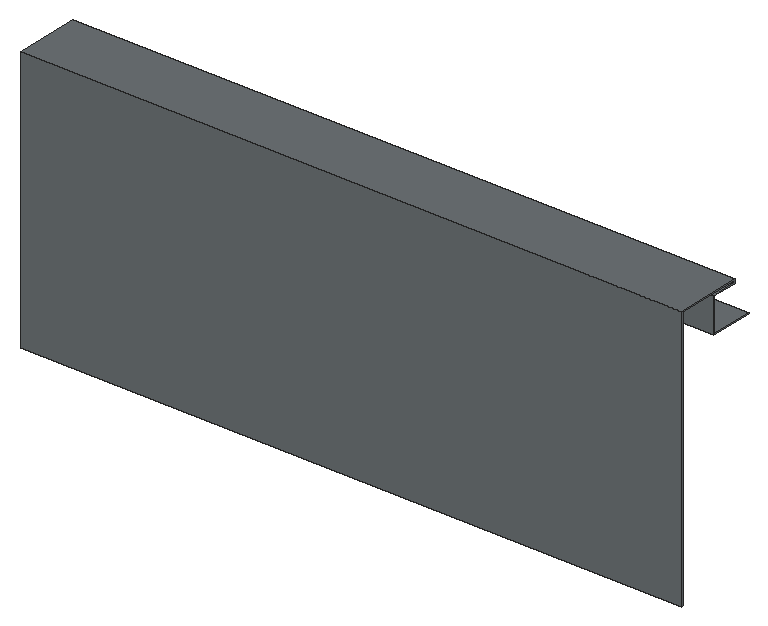
Revit family "BIMLIB_ПланкаОколооконнаяСложнаяБлокХаусNew_GRANDLINE", category Обобщенные модели, Revit 2017
Family settings
  Может служить основой для арматурных стержней = Нет
  Размер круглого соединителя = Использовать диаметр
  Тип детали = Нормальный
  При загрузке вырезать с полостями = Нет
  Общий = Нет
  Точка расчета площади = Нет
Parameters (values of type "200х50")
  Смещение от плоскости [instance] = 0 mm
  Профиль_Паз = 20 mm
  Профиль_Глубина = 200 mm
  Профиль_Выступ = 33 mm
  Профиль_Высота = 50 mm
  Описание = ADSK_Наименование  # "Околооконная планка сложная 200х50 Блок Хаус New"
  Изготовитель = "Grand Line"  # constant formula
  built-in parameter 1001306 [instance] = 500 mm
  Watermark [instance] = "Модели защищены уникальным кодом"
  URL = "https://www.grandline.ru"
  BL_Разработано = "support@bimlib.pro"
  BL_Email = "info@grandline.ru"
  BL_BIM library = "https://bimlib.pro/manufacturer/company/22430"
  ADSK_Размер_Длина [instance] = [built-in parameter 1001306]  # 500 mm
  ADSK_Обозначение = "ГОСТ 19904-90, ГОСТ 14918-80"
  ADSK_Наименование = "Околооконная планка сложная 200х50 Блок Хаус New"
  ADSK_Материал тип подсчета = 1  # constant formula
  ADSK_Материал = GL_Drap_RAL7016
  ADSK_Масса_Текст [instance] = ""
  ADSK_Масса [instance] = 0
  ADSK_Марка = ""
  ADSK_Количество [instance] = if(ADSK_Материал тип подсчета = 0, 1, if(ADSK_Материал тип подсчета = 1, ADSK_Размер_Длина / 1000 mm, 0))  # 0.5
  ADSK_Код изделия = "M12.102.005"
  ADSK_Завод-изготовитель = "Grand Line"  # constant formula
  ADSK_Единица измерения = "м"  # constant formula
  ADSK_Группирование = "Доборные элементы"  # constant formula
  ADSK_Версия Revit = "2017"  # constant formula
  ADSK_URL страницы изделия = "https://www.grandline.ru/planka-okolookonnaya-slozhnaya-bkh-new-200kh50kh27-0-45-pe-s-plenkoy-ral-9003-signalnyy-belyy-173823.html"
  ADSK_URL документации изделия = "https://www.grandline.ru/uploads/files/chertezhi_vse/dobornye_elementy/desaiydingblokhaus-new/Okolookonnaa-planka-sloznaa-200h50.jpg"
Types (4, lengths in mm): name | Профиль_Паз | Профиль_Глубина | Профиль_Выступ | Профиль_Высота | Описание | ADSK_Наименование | ADSK_Код изделия | ADSK_URL страницы изделия | ADSK_URL документации изделия
  200х75 | 20 | 200 | 33 | 75 | "Околооконная планка сложная 200х75 Блок Хаус New" | "Околооконная планка сложная 200х75 Блок Хаус New" | "M12.102.006" | "https://www.grandline.ru/planka-okolookonnaya-slozhnaya-bkh-new-200kh75kh27-0-45-drap-ral-3005-krasnoe-vino-228888.html" | "https://www.grandline.ru/uploads/files/chertezhi_vse/dobornye_elementy/desaiydingblokhaus-new/Okolookonnaa-planka-sloznaa-200h75.jpg"
  200х50 | 20 | 200 | 33 | 50 | "Околооконная планка сложная 200х50 Блок Хаус New" | "Околооконная планка сложная 200х50 Блок Хаус New" | "M12.102.005" | "https://www.grandline.ru/planka-okolookonnaya-slozhnaya-bkh-new-200kh50kh27-0-45-pe-s-plenkoy-ral-9003-signalnyy-belyy-173823.html" | "https://www.grandline.ru/uploads/files/chertezhi_vse/dobornye_elementy/desaiydingblokhaus-new/Okolookonnaa-planka-sloznaa-200h50.jpg"
  250х50 | 20 | 250 | 33 | 50 | "Околооконная планка сложная 250х50 Блок Хаус New" | "Околооконная планка сложная 250х50 Блок Хаус New" | "M12.102.007" | "https://www.grandline.ru/planka-okolookonnaya-slozhnaya-bkh-new-250kh50kh27-j-faska-0-45-drap-ral-3005-krasnoe-vino-231762.html" | "https://www.grandline.ru/uploads/files/chertezhi_vse/dobornye_elementy/desaiydingblokhaus-new/Okolookonnaa-planka-sloznaa-250h50.jpg"
  250х75 | 22 | 250 | 41 | 75 | "Околооконная планка сложная 250х75" | "Околооконная планка сложная 250х75" | "M12.102.008" | "https://www.grandline.ru/planka-okolookonnaya-slozhnaya-bkh-new-250kh75kh27-0-45-drap-ral-8017-shokolad-226798.html" | "https://www.grandline.ru/uploads/files/chertezhi_vse/dobornye_elementy/desaiydingblokhaus-new/Okolookonnaa-planka-sloznaa-250h75.jpg"
Reference planes
  plane 1 "По центру (Вперед/Назад)": y = 0
  plane 2: z = 0
  plane 3 "Слева": x = 0
  plane 4 "Справа": x = 500
Forms (mm)
  Sweep 1, solid, material "GL_Drap_RAL7016" <- "ADSK_Материал"
    path in 3D
      loop
        line (0, 0, 0) -> (500, 0, 0)
    profile "Профиль_ПланкаОколооконнаяСложнаяБлокХаусNew : Профиль" origin (250, 0, 0) x (0, 1, 0) y (0, 0, 1)
      loop
        line (49.2, 28.4) -> (49.2, 27) -> (30, 27) -> (30, 0) -> (63, 0) -> (63, 0.8) -> (30.8, 0.8) -> (30.8, 26.2) -> (50, 26.2) -> (50, 29.2) -> (0, 29.2) -> (0, -170.8) -> (0.8, -170.8) -> (0.8, 28.4) -> (49.2, 28.4)
Lines and regions (mm)
  reference lines
    curve 1: line (0, 0, 0) -> (500, 0, 0)
  sketch lines
    curve 2: line (0, 0, 0) -> (500, 0, 0)
Dimensions and locks
  "built-in parameter 1001306": plane 3 "Слева" to plane 4 "Справа"
  aligned and locked: plane 4 "Справа" to curve 1
  aligned and locked: plane 1 "По центру (Вперед/Назад)" to curve 1
  aligned and locked: plane 3 "Слева" to curve 1
  aligned and locked: level to plane 2
